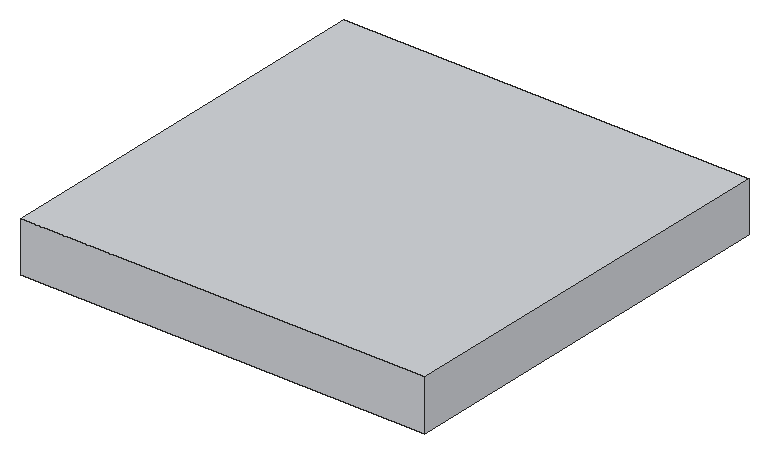
Revit family "CR16", category Aparatos eléctricos, Revit 2017
Family settings
  Anfitrión = Cara
  Mantener orientación de anotación = No
  Cota de conector redondo = Diámetro de uso
  Tipo de pieza = Normal
  Número OmniClass = 23.80.50.11.11
  Título OmniClass = Receptacle Terminal Units
  Corte con vacíos al cargar = No
  Compartido = No
  Punto de cálculo de habitación = No
Parameters (values of type "Módulo /6 - Grafito")
  Voltaje = 250 V
  URL = "http://www.mmconecta.com/"
  Potencia aparente = 3500 W
  Polos = 1
  Normativas = "UNE 20451:1997 / Marcado CE"  # constant formula
  Modelo = "CR16"  # constant formula
  Materia prima = "Policarbonato libre de halógenos"
  Instalación = "Suelo / Techo"  # constant formula
  Descripción = "Caja de conexiones tipo CR - Repartidor de 1 entrada con 6 salidas"  # constant formula
  Código de montaje = "D5020100"
  Composición = "Cubeta, Laterales (4ud), Tapa, Tornillería tapa + montaje en suelo (2x4ud), Conectores CR, Cableado interno en línea 2,5mm"  # constant formula
  Capacidad = "1 entrada - 6 salidas conectores CR"  # constant formula
  CRXX (AltoxLargoxAncho) = "45 x 130 x 190 mm"  # constant formula
  Acabado = "Grafito RAL7021"
  Factor de potencia = 1
  Fabricante = "MMCONECTA"  # constant formula
  Elevación por defecto = 1200 mm
  Compatibilidad = "Gama CR"  # constant formula
  Carga eléctrica = Potencia
Reference planes
  plane 1 "Centro (Frontal/Posterior)": y = 0
  plane 2: z = 0
  plane 3 "Centro (Izquierda/Derecha)": x = 0
Forms (mm)
  Extrusion 1, solid
    sketch origin (0, 0, 0) x (1, 0, 0) y (0, 1, 0)
      loop
        line (-1219.2, 1219.2) -> (-1219.2, -1219.2) -> (1219.2, -1219.2) -> (1219.2, 1219.2) -> (-1219.2, 1219.2)
    from 0 to -304.8
  Extrusion 2, solid, detail levels coarse+medium
    sketch origin (0, 0, 0) x (1, 0, 0) y (0, 1, 0)
      loop
        line (-95, 65) -> (-95, -65) -> (95, -65) -> (95, 65) -> (-95, 65)
    from 0 to 45
Dimensions and locks
  aligned and locked: plane 2 to Extrusion 1
  aligned and locked: level to Extrusion 1
  aligned and locked: plane 3 "Centro (Izquierda/Derecha)" to nested 1
  aligned and locked: plane 1 "Centro (Frontal/Posterior)" to nested 1
  aligned and locked: Extrusion 2 to import instance  (x4)
Nested families
  nested 1: "Simbolo enchufe" at (0, 0, 0), type "4RED+2RJ45", detail levels coarse+medium
Definition of nested family "Simbolo enchufe"
  Parameters (values of type "12CR")
    Anotación de texto de etiqueta = ""
    12CR = yes
  Types (5): name
    12CR
    4RED+2RJ45
    6RED+2RJ45
    6RED+4RJ45
    Anotación de toma de corriente - 220V
  Reference planes
    plane 1: y = 0
    plane 2: x = 0
  Lines and regions (mm)
    detail lines
      curve 1: line (0, 1.25, 0) -> (0, 0, 0)
      curve 2: line (-1.25, 1.25, 0) -> (1.25, 1.25, 0)
      curve 3: arc (-1.25, 2.5, 0) -> (0, 1.25, 0) -> (1.25, 2.5, 0) r 1.25
  Text (mm)
    text "CR16" at (-2.599, 0.205, 0), visible <- "12CR"
